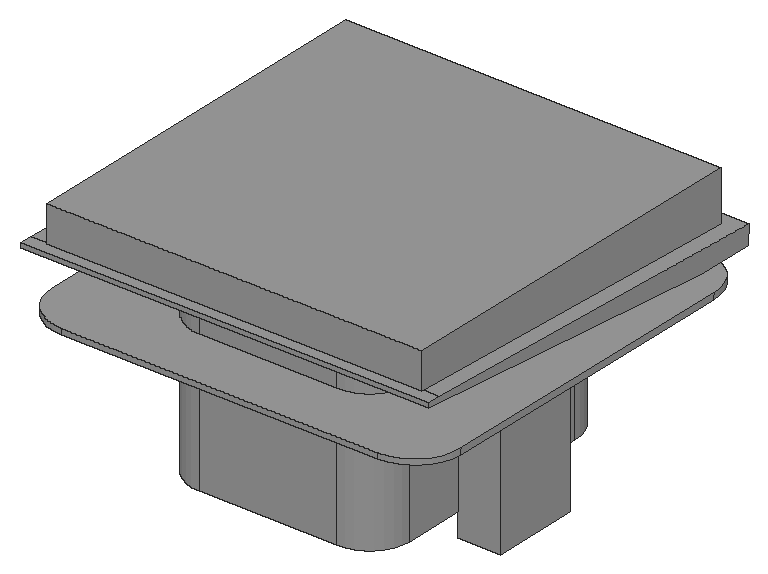
Revit family "Gira_012867", category Electrical Fixtures, host Face, Revit 2017
Family settings
  Host = Face
  Maintain Annotation Orientation = Yes
  Round Connector Dimension = Use Diameter
  Part Type = Normal
  Cut with Voids When Loaded = No
  Shared = No
  Room Calculation Point = No
Parameters (values of type "PB sw. 2-way 2-g Gira TX_44 (WP FM) anthra.")
  With mounting plate = "No"
  Wiring system = "Alternating-/alternating switch"
  Washing machine switch = "No"
  URL = "http://katalog.gira.de/en/datenblatt.html?artikelnr=012867"
  Type of fastening = "Mounting with claw and screw"
  Surface protection = "Other"
  Suitable for degree of protection (IP) = "IP44"
  Rated current = "10"
  Push button switch = "Yes"
  Number of rockers = "2"
  Number of modules (module system) = "1"
  Nominal voltage = "250"
  Name = "PB sw. 2-way 2-g Gira TX_44 (WP FM) anthra."
  Mounting method = "Flush mounted (plaster)"
  Method of operation = "Rocker/button"
  Material quality = "Thermoplastic"
  Material = "Plastic"
  Manufacturer URL = "https://www.gira.de/"
  Manufacturer = "Gira"
  Label space/information surface = "No"
  Keynote = ""
  Illumination = "No"
  HeinzeBIM = "https://bimportal.heinze.de/bim/pb-sw-2-way-2-g-gira-tx-44-wp-fm-anthra-/30267839f12174b712520406d55b2c94b0977e59"
  Halogen free = "No"
  HAN = "012867"
  GTIN = "4010337128670"
  Feedback-signal contact = "No"
  Description = "PB sw.2-w 2g TX_44 AN,Pushbutton switch, 10 AX 250 V~ with rocker, 2-gang,2-way switch, 2-gang,anthracite,Notes :,- With touch-activation operation.,- Theft-prevention implemented via optional screw-in clamp piece. This makes plugging of cover frame unnecessary."
  Default Elevation = 1219.2 mm
  Data sheet (1) = "https://katalog.gira.de/en/download.html?artikelnr=012867"
  Connection type = "Plug clamp"
  Colour = "Anthracite"
  Category = "Switch"
  BIM (1) = "https://media.stage.bim.site/public/gira/36a6b08/TX44_Komplettgerät_Schalten und Tasten.rfa?public/gira/36a6b08/TX44_Komplettgerät_Schalten und Tasten.rfa"
  Available = "No"
  Assembly arrangement = "Basic element with central cover plate"
Reference planes
  plane 1 "Center (Front/Back)": y = 0
  plane 2 "Reference Level 0": z = 0
  plane 3 "Center (Left/Right)": x = 0
  plane 4: z = -28.6
Forms (mm)
  Extrusion 1, solid, material "Default", detail levels fine
    sketch origin (0, 0, 0) x (1, 0, 0) y (0, 1, 0)
      loop
        line (-32.604, 32.5) -> (-32.604, -32.5) -> (32.735, -32.5) -> (32.735, 32.5) -> (-32.604, 32.5)
    from 0 to 12.3
  Extrusion 2, solid, material "Default", detail levels fine
    sketch origin (0, 0, 0) x (0, 1, 0) y (0, 0, 1)
      loop
        line (35, 3.483) -> (-32.2, 6) -> (-34.55, 6) -> (-34.536, 5.199) -> (24.886, 0) -> (34.939, 0) -> (35, 3.483)
    from -35.5 to 35.5
  Extrusion 3, void
    sketch origin (0, 0, 0) x (0, 1, 0) y (0, 0, 1)
      loop
        line (42.419, 3.205) -> (-32.2, 6) -> (-42.193, 6) -> (-42.193, -11.826) -> (42.419, -11.826) -> (42.419, 3.205)
    from -64.194 to 61.264
  Extrusion 4, solid, material "Default", detail levels fine
    sketch origin (0, 0, 0) x (1, 0, 0) y (0, 1, 0)
      loop
        arc (35.5, 27.5) -> (33.157, 33.157) -> (27.5, 35.5) r 8
        line (27.5, 35.5) -> (-27.5, 35.5)
        arc (-27.5, 35.5) -> (-33.157, 33.157) -> (-35.5, 27.5) r 8
        line (-35.5, 27.5) -> (-35.5, -27.5)
        arc (-35.5, -27.5) -> (-33.157, -33.157) -> (-27.5, -35.5) r 8
        line (-27.5, -35.5) -> (27.5, -35.5)
        arc (27.5, -35.5) -> (33.157, -33.157) -> (35.5, -27.5) r 8
        line (35.5, -27.5) -> (35.5, 27.5)
    from -4.1 to -5.1
  Extrusion 5, solid, material "Default", detail levels fine
    sketch origin (0, 0, 0) x (1, 0, 0) y (0, 1, 0)
      loop
        arc (-12, 25) -> (-16.95, 22.95) -> (-19, 18) r 7
        line (-19, 18) -> (-19, -18)
        arc (-19, -18) -> (-16.95, -22.95) -> (-12, -25) r 7
        line (-12, -25) -> (12, -25)
        arc (12, -25) -> (16.95, -22.95) -> (19, -18) r 7
        line (19, -18) -> (19, 18)
        arc (19, 18) -> (16.95, 22.95) -> (12, 25) r 7
        line (12, 25) -> (-12, 25)
    from 4.692 to -28.6
  Extrusion 6, solid, material "Default", detail levels fine
    sketch origin (0, 0, 0) x (1, 0, 0) y (0, 1, 0)
      loop
        line (-26.5, -7.5) -> (-19, -7.5) -> (-19, 7.5) -> (-26.5, 7.5) -> (-26.5, -7.5)
    from -5.1 to -32.6
  Extrusion 7, solid, material "Default", detail levels fine
    sketch origin (0, 0, 0) x (-1, 0, 0) y (0, -1, 0)
      loop
        line (-26.5, 7.5) -> (-26.5, -7.5) -> (-19, -7.5) -> (-19, 7.5) -> (-26.5, 7.5)
    from -5.1 to -32.6
  Extrusion 8, solid, material "Default", detail levels medium
    sketch origin (0, 0, 0) x (1, 0, 0) y (0, 1, 0)
      loop
        line (-32.604, 32.5) -> (-32.604, -32.5) -> (32.735, -32.5) -> (32.735, 32.5) -> (-32.604, 32.5)
    from 0 to 12.3
  Extrusion 9, solid, material "Default", detail levels medium
    sketch origin (0, 0, 0) x (0, 1, 0) y (0, 0, 1)
      loop
        line (35, 3.483) -> (-32.2, 6) -> (-34.55, 6) -> (-34.445, 0) -> (34.939, 0) -> (35, 3.483)
    from -35.5 to 35.5
  Extrusion 10, solid, material "Default", detail levels medium
    sketch origin (0, 0, 0) x (1, 0, 0) y (0, 1, 0)
      loop
        line (-26.5, 25) -> (-26.5, -25) -> (26.5, -25) -> (26.5, 25) -> (-26.5, 25)
    from 4.692 to -32.6
  Extrusion 11, solid, material "Default", detail levels medium
    sketch origin (0, 0, 0) x (1, 0, 0) y (0, 1, 0)
      loop
        line (35.5, 35.5) -> (-35.5, 35.5) -> (-35.5, -35.5) -> (35.5, -35.5) -> (35.5, 35.5)
    from -4.1 to -5.1
  Extrusion 12, solid, material "Default", detail levels coarse
    sketch origin (0, 0, 0) x (1, 0, 0) y (0, 1, 0)
      loop
        line (35.5, 35.5) -> (-35.5, 35.5) -> (-35.5, -35.5) -> (35.5, -35.5) -> (35.5, 35.5)
    from -32.6 to 12.3
Cuts and joins
  Extrusion 3 cuts Extrusion 1
  joined: Extrusion 1, Extrusion 2, Extrusion 4, Extrusion 5, Extrusion 6, Extrusion 7
Dimensions and locks
  Extrusion 12 to Extrusion 12 = 44.9 mm
  aligned and locked: plane 2 "Reference Level 0" to host face
  aligned and locked: level to host face
  aligned and locked: plane 3 "Center (Left/Right)" to nested 1
  aligned and locked: plane 1 "Center (Front/Back)" to nested 1
Nested families
  nested 1: "Schalter" at (0, 0, 0), type "Schalter"
Connectors
  electrical at (0, 0, -32.6)
    settings: on Extrusion 12, index 1, voltage 220 V, apparent load 0 VA, apparent load phase1 0 VA, apparent load phase2 0 VA, apparent load phase3 0 VA, power factor 1, load classification "Other", number of poles 1, system type 30, power factor state 1, is connector primary yes, connector utility no, sub classification motor no, connector description ""
Definition of nested family "Schalter"
  Reference planes
    plane 1: y = 0
    plane 2: x = 0
  Lines and regions (mm)
    detail lines
      curve 1: circle (1.375, 2.778, 0) r 0.8 normal (0, 0, 1)
      curve 2: line (1.021, 2.061, 0) -> (0, 0, 0)
      curve 3: line (0, 0, 0) -> (-0.538, 0.266, 0)
  Dimensions and locks
    curve 2 to curve 2 = 2.3 mm
    curve 3 to curve 2 = 0.6 mm
    radius of curve 1 = 0.8 mm
